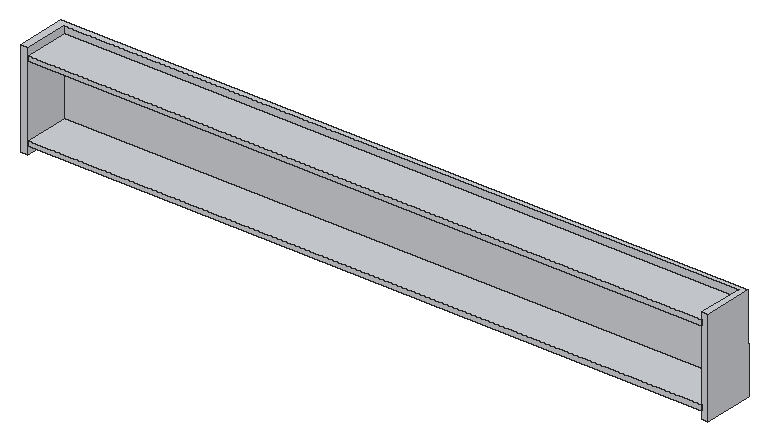
Revit family "SLIM_FILUMO_20W_4000K_610MM", category Lighting Fixtures, host Wall, Revit 2021
Family settings
  Host = Wall
  Round Connector Dimension = Use Diameter
  Part Type = Normal
  OmniClass Number = 23.80.70.00
  OmniClass Title = Lighting
  Always vertical = Yes
  Cut with Voids When Loaded = No
  Light Source = Yes
  Shared = No
  Room Calculation Point = No
Parameters
  Wattage = 8.75174 W
  built-in parameter 1150110 = 1 (stored number, unit not read)
  Type de lampe = "LED SMD 2835"
  Type = "Applique"
  built-in parameter 1114217 = 1 (stored number, unit not read)
  Tension = "AC 220-240V"
  built-in parameter 1150109 = 1 (stored number, unit not read)
  built-in parameter 1150134 = 12
  built-in parameter 1150113 = 1 (stored number, unit not read)
  Puissance nominale = "20W"
  Lumens = 1300 lm
  built-in parameter 1150115 = 1 (stored number, unit not read)
  built-in parameter 1150105 = 413.8 (stored number, unit not read)
  Light Source Symbol Size = 609.6 mm
  built-in parameter 1150137 = (empty or 0)
  built-in parameter 1150139 = (empty or 0)
  built-in parameter 1150112 = 1 (stored number, unit not read)
  built-in parameter 1150114 = 1 (stored number, unit not read)
  built-in parameter 1150132 = 2
  built-in parameter 1150102 = (empty or 0)
  built-in parameter 1150138 = (empty or 0)
  built-in parameter 1150107 = 4000 (stored number, unit not read)
  built-in parameter 1150106 = 4.138 (stored number, unit not read)
  Fintion = "Blanc laqué"
  Emit from Line Length = 609.6 mm
  built-in parameter 1150104 = 13.8 (stored number, unit not read)
  Durée de vie = "50 000 heures"
  Driver = "Driver Vossloh"
  Dimming Lamp Color Temperature Shift = <None>
  Dimensions = "610 x 85 mm, Saillie : 45 mm"
  Default Elevation = 0 mm
  Color Filter = 16777215
  built-in parameter 1114218 = 1 (stored number, unit not read)
  built-in parameter 1150133 = 10 (stored number, unit not read)
Reference planes
  plane 1: y = 0
  plane 2 "Light Source Axis (F/B)": y = 203.2
  plane 3 "Light Source Axis (L/R)": x = -36.356
  plane 4 "Light Source Elevation": z = 2000
Forms (mm)
  Extrusion 1, solid
    sketch origin (0, 0, 2000) x (0, 1, 0) y (-1, 0, 0)
      loop
        line (120, 341.156) -> (75, 341.156) -> (75, 334.524) -> (115.447, 334.524) -> (115.447, -263.402) -> (75, -263.402) -> (75, -268.444) -> (120, -268.444) -> (120, 341.156)
    from -42.5 to 42.5
  Extrusion 2, solid
    sketch origin (0, 0, 2000) x (0, 1, 0) y (-1, 0, 0)
      loop
        line (115.447, 334.524) -> (75, 334.524) -> (75, -263.402) -> (115.447, -263.402) -> (115.447, 334.524)
    from -30.93 to -35.594
  Extrusion 3, solid
    sketch origin (-1.631, 0, 2067.5) x (0, 1, 0) y (-1, 0, 0)
      loop
        line (115.447, 332.893) -> (75, 332.893) -> (75, -265.034) -> (115.447, -265.034) -> (115.447, 332.893)
    from -30.93 to -35.594
Lines and regions (mm)
  reference lines
    curve 1: line (-36.356, 203.2, 2000) -> (-36.356, 203.2, 2042.5)
    curve 2: line (-36.356, 203.2, 2000) -> (-36.356, 203.2, 1957.5)
    curve 3: line (-36.356, 203.2, 1957.5) -> (-341.156, 203.2, 1957.5)
    curve 4: line (-36.356, 203.2, 1957.5) -> (268.644, 203.2, 1957.5)
    curve 5: line (268.644, 203.2, 1957.5) -> (268.644, 203.2, 2042.5)
    curve 6: line (268.644, 203.2, 2042.5) -> (-341.156, 203.2, 2042.5)
    curve 7: line (-341.156, 203.2, 2042.5) -> (-341.156, 203.2, 1957.5)
    curve 8: line (-36.356, 75, 2000) -> (-36.356, 120, 2000)
    curve 9: line (-36.356, 75, 2000) -> (-36.356, 120, 2000)
    curve 10: line (-36.356, 75, 2042.5) -> (-36.356, 120, 2042.5)
    curve 11: line (-36.356, 120, 2000) -> (-36.356, 120, 2042.5)
    curve 12: line (-36.356, 203.2, 1957.5) -> (-36.356, 75, 1957.5)
    curve 13: line (-36.356, 120, 2000) -> (-36.356, 120, 1957.5)
Text (mm)
  text "Placement Side" at (0, 1019.848, 2973.606), in view "Right"
  text "Placement Side" at (-1787.662, 723.012, 0), in view "Ref. Level"
  text "Placement Side" at (0, 1206.291, 3020.473), in view "Left"
Dimensions and locks
  aligned and locked: plane 3 "Light Source Axis (L/R)" to imposter light
